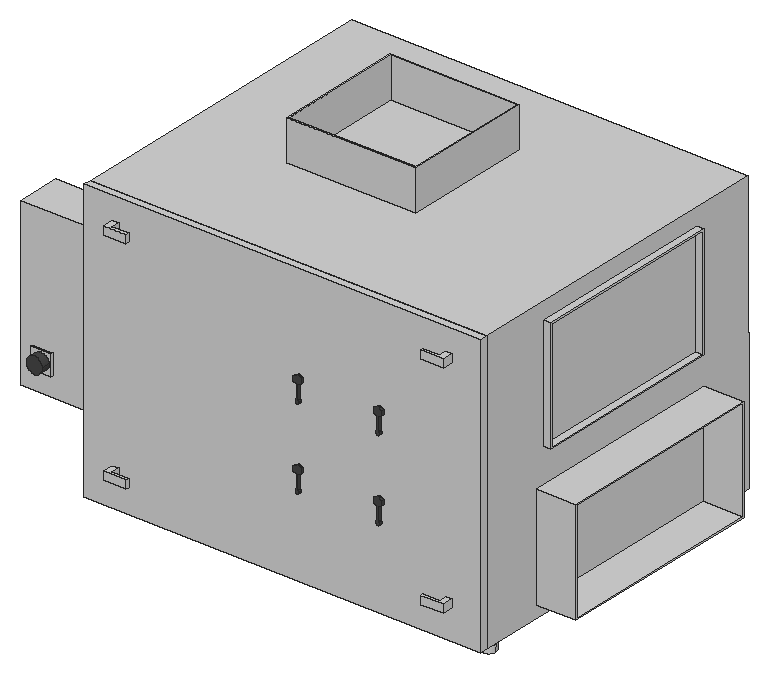
Revit family "Ventilator-RenewAire-Energy-Recovery-HE2XINH-Bypass", category Mechanical Equipment, Revit 2014
Parameters (values of type "2.0 HP 575V Three Phase")
  Voltage = "575"
  Ventilation Type = "Static Plate, Heat and Humidity Transfer"
  Unit Width = "43\""
  Unit Weight = "406-551 lbs."
  Unit Length = "60-3/4\""
  Unit Height = "35-3/4\""
  Unit = Metal - RenewAire - Anodized - Gray Text
  URL = "www.renewaire.com"
  Typical Airflow Range = "500-2,200 CFM"
  Standard Features = "TEFC Premium efficiency motors, Motor starters, Non-Fused Disconnect, 24VAC Transformer/Relay Package"
  Shipping Weight = "620 lbs."
  Service Area Visibility = no
  Service Area Box = Interference - RenewAire - Smooth - Light - Gold
  Revit Object Download Link = ""
  Phase = "Three"
  Options = "Fused disconnect, Double wall construction, Factory supplied and mounted variable frequency drives (VFDs) – one or both airstreams, Motorized isolation dampers – FA, EA or both airstreams, Qty. 2 Factory mounted filter alarms, Bypass economizer (see bypass dimension drawing page) – dry bulb temperature controls, enthalpy controls"
  Optional Motorized Damper - FA = yes
  Optional Motorized Damper - EA = yes
  Number Motors = "Qty. 2, Belt drive blower/motor packages with adjustable sheaves"
  Model = "HE 2XINH-[Bypass]"
  Minimum Circuit Amps = "5.4 A"
  Maximum Overcurrent Protection = "15 A"
  Max. Shipping Width = "47\""
  Max. Shipping Length = "70\""
  Max. Shipping Height = "40\""
  Manufacturer = "RenewAire LLC"
  Frequency = "60 HZ"
  FLA per Motor = "2.4"
  Description = "Energy Recovery Ventilator"
  Connector Base Material = Glass - With - Transparency
  Accessories = "Filters - MERV 13, 2\" (shipped loose), Digital time clock - wall mount(TC7D-W), Digital time clock - in exterior enclosure (TC7D-E), Motion occupancy control - ceiling mount(MC-C), Motion occupancy control - wall mount(MC-W), Carbon dioxide control - wall mount (CO2-W), Carbon Dioxide control - duct mount(CO2-D), Electric duct heater – EK series (1-60 KW), EH series (61-175 KW)"
  AHRI 1060 Certified Core = "Two L125-G5"
Types (11): name | Voltage | Phase | Minimum Circuit Amps | Maximum Overcurrent Protection | FLA per Motor
  (no name) | "575" | "Three" | "5.4 A" | "15 A" | "2.4"
  1.5 HP 120V Single Phase | "120" | "Single" | "34.2 A" | "45 A" | "15.2"
  1.5 HP 208-230V Single Phase | "208-230" | "Single" | "18.5 A" | "25 A" | "8.2-7.6"
  1.5 HP 208-230V Three Phase | "208-230" | "Three" | "10.8 A" | "15 A" | "4.6-4.8"
  1.5 HP 460V Three Phase | "460" | "Three" | "5.4 A" | "15 A" | "2.4"
  1.5 HP 575V Three Phase | "575" | "Three" | "4.1 A" | "15 A" | "1.8"
  2.0 HP 120V Single Phase | "120" | "Single" | "45.0 A" | "60 A" | "20.0"
  2.0 HP 208-230V Single Phase | "208-230" | "Single" | "24.3 A" | "35 A" | "10.8-10.0"
  2.0 HP 208-230V Three Phase | "208-230" | "Three" | "13.6 A" | "15 A" | "6.1-5.8"
  2.0 HP 460V Three Phase | "460" | "Three" | "6.5 A" | "15 A" | "2.9"
  2.0 HP 575V Three Phase | "575" | "Three" | "5.4 A" | "15 A" | "2.4"
Reference planes (in)
  plane 1 "Center (Front/Back)": y = 0
  plane 2: z = 0
  plane 3 "Center (Left/Right)": x = 0
Forms (in)
  Extrusion 1, solid, material "Metal - RenewAire - Anodized - Gray Text" <- "Unit"
    sketch origin (0, 0, 0) x (1, 0, 0) y (0, 0, 1)
      loop
        line (-24.5625, 34.75) -> (-24.5625, 0) -> (24.5625, 0) -> (24.5625, 34.75) -> (-24.5625, 34.75)
    from 20.25 to -20.25
  Extrusion 2, solid, material "Metal - RenewAire - Anodized - Gray Text"
    sketch origin (0, 0, 0) x (1, 0, 0) y (0, 0, 1)
      loop
        line (-24.5625, 34.75) -> (-24.5625, 0) -> (24.5625, 0) -> (24.5625, 34.75) -> (-24.5625, 34.75)
    from 21.25 to 20.25
  Extrusion 3, solid, material "Metal - RenewAire - Anodized - Gray Text"
    sketch origin (0, 0, 0) x (0, 1, 0) y (0, 0, 1)
      loop
        line (-12.75, 14.482) -> (-12.75, 1.625) -> (13.25, 1.625) -> (13.25, 14.482) -> (-12.75, 14.482)
      loop
        line (-12.625, 14.357) -> (-12.625, 1.75) -> (13.125, 1.75) -> (13.125, 14.357) -> (-12.625, 14.357)
    from 29.5625 to 24.5625
  Extrusion 4, solid, material "Metal - RenewAire - Anodized - Gray Text"
    sketch origin (0, 0, 0) x (0, 1, 0) y (0, 0, 1)
      loop
        line (-11.625, 32.732) -> (-11.625, 18.732) -> (12.125, 18.732) -> (12.125, 32.732) -> (-11.625, 32.732)
      loop
        line (-11.5, 32.607) -> (-11.5, 18.857) -> (12, 18.857) -> (12, 32.607) -> (-11.5, 32.607)
    from 25.5625 to 24.5625
  Extrusion 5, solid, material "Metal - RenewAire - Anodized - Gray Text"
    sketch origin (0, 0, 0) x (0, 1, 0) y (0, 0, 1)
      loop
        line (11.25, 13) -> (-4.75, 13) -> (-4.75, 1) -> (11.25, 1) -> (11.25, 13)
      loop
        line (11.125, 12.875) -> (-4.625, 12.875) -> (-4.625, 1.125) -> (11.125, 1.125) -> (11.125, 12.875)
    from -24.5625 to -28.8125
  Extrusion 6, solid, material "Metal - RenewAire - Anodized - Gray Text"
    sketch origin (0, 0, 16.5) x (0, 1, 0) y (0, 0, 1)
      loop
        line (11.25, 13) -> (-4.75, 13) -> (-4.75, 1) -> (11.25, 1) -> (11.25, 13)
      loop
        line (11.125, 12.875) -> (-4.625, 12.875) -> (-4.625, 1.125) -> (11.125, 1.125) -> (11.125, 12.875)
    from -24.5625 to -28.8125
  Extrusion 7, solid, material "Metal - RenewAire - Anodized - Gray Text"
    sketch origin (0, 0, 0) x (1, 0, 0) y (0, 1, 0)
      loop
        line (-11.9375, 10.375) -> (-11.9375, -5.625) -> (4.0625, -5.625) -> (4.0625, 10.375) -> (-11.9375, 10.375)
      loop
        line (-11.8125, 10.25) -> (-11.8125, -5.5) -> (3.9375, -5.5) -> (3.9375, 10.25) -> (-11.8125, 10.25)
    from 39.75 to 34.75
  Extrusion 8, solid, material "Metal - RenewAire - Anodized - Gray Text"
    sketch origin (0, 0, 0) x (1, 0, 0) y (0, 1, 0)
      loop
        line (20.3125, -21.25) -> (20.3125, -22.25) -> (18.25, -22.25) -> (18.25, -22.625) -> (21.0625, -22.625) -> (21.0625, -21.25) -> (20.3125, -21.25)
    from 4.75 to 3.75
  Extrusion 9, solid, material "Metal - RenewAire - Anodized - Gray Text"
    sketch origin (0, 0, 0) x (1, 0, 0) y (0, 1, 0)
      loop
        line (20.3125, -21.25) -> (20.3125, -22.25) -> (18.25, -22.25) -> (18.25, -22.625) -> (21.0625, -22.625) -> (21.0625, -21.25) -> (20.3125, -21.25)
    from 31 to 32
  Extrusion 10, solid, material "Metal - RenewAire - Anodized - Gray Text"
    sketch origin (0, 0, 31) x (0, 1, 0) y (-1, 0, 0)
      loop
        line (-21.25, 20.3125) -> (-21.25, 21.0625) -> (-22.625, 21.0625) -> (-22.625, 18.25) -> (-22.25, 18.25) -> (-22.25, 20.3125) -> (-21.25, 20.3125)
    from -26.25 to -27.25
  Extrusion 11, solid, material "Metal - RenewAire - Anodized - Gray Text"
    sketch origin (0, 0, 31) x (0, 1, 0) y (-1, 0, 0)
      loop
        line (-21.25, 20.3125) -> (-21.25, 21.0625) -> (-22.625, 21.0625) -> (-22.625, 18.25) -> (-22.25, 18.25) -> (-22.25, 20.3125) -> (-21.25, 20.3125)
    from 0 to 1
  Extrusion 12, solid, material "Interference - RenewAire - Smooth - Light - Gold" <- "Service Area Box", visible <- "Optional Motorized Damper - FA"
    sketch origin (0, 0, 0) x (0, 1, 0) y (0, 0, 1)
      loop
        line (5.25, 9.60593) -> (-2.75, 9.60593) -> (-2.75, 2.10593) -> (5.25, 2.10593) -> (5.25, 9.60593)
    from -24.5625 to -32.5625
  Extrusion 13, solid, material "Interference - RenewAire - Smooth - Light - Gold" <- "Service Area Box", visible <- "Optional Motorized Damper - EA"
    sketch origin (0, 0, 16.5) x (0, 1, 0) y (0, 0, 1)
      loop
        line (5.25, 9.60593) -> (-2.75, 9.60593) -> (-2.75, 2.10593) -> (5.25, 2.10593) -> (5.25, 9.60593)
    from -24.5625 to -32.5625
  Extrusion 14, solid, material "Metal - RenewAire - Anodized - Gray Text" <- "Unit"
    sketch origin (0, 0, 0) x (0, 1, 0) y (0, 0, 1)
      loop
        line (-12.75, 28) -> (-18.25, 28) -> (-18.25, 7.5) -> (-12.75, 7.5) -> (-12.75, 28)
    from -24.5625 to -34.875
  Extrusion 15, solid, material "Metal - RenewAire - Anodized - Gray Text"
    sketch origin (0, 0, 0) x (1, 0, 0) y (0, 0, 1)
      loop
        line (-33.375, 12.5) -> (-33.375, 10) -> (-30.875, 10) -> (-30.875, 12.5) -> (-33.375, 12.5)
    from 18.25 to 18.5
  Extrusion 16, solid, material "MonitorPorts"
    sketch origin (0, 0, 0) x (1, 0, 0) y (0, 0, 1)
      loop
        circle (-32.125, 11.25) r 1
    from 19.5 to 18.5
  Extrusion 17, solid, material "Interference - RenewAire - Smooth - Light - Gold" <- "Service Area Box", visible <- "Service Area Visibility"
    sketch origin (0, 0, 0) x (1, 0, 0) y (0, 0, 1)
      loop
        line (-34.875, 34.75) -> (-34.875, 0) -> (24.5625, 0) -> (24.5625, 34.75) -> (-34.875, 34.75)
    from 41.375 to 21.25
  Extrusion 18, solid, material "Metal - RenewAire - Anodized - Gray Text"
    sketch origin (0, 0, 0) x (1, 0, 0) y (0, 1, 0)
      loop
        circle (-23.9375, 18.125) r 0.875
      loop
        circle (23.9375, 18.125) r 0.875
      loop
        circle (-23.9375, -19.125) r 0.875
      loop
        circle (23.9375, -19.125) r 0.875
    from 0 to -0.75
Dimensions and locks (in)
  aligned and locked: level to plane 2
Nested families (in)
  nested 1: "Monitoring Port" at (12.0625, -21.25, 9.864), type "Monitoring Port"
  nested 2: "Monitoring Port" at (12.0625, -21.25, 19.864), type "Monitoring Port"
  nested 3: "Monitoring Port" at (2.0625, -21.25, 9.864), type "Monitoring Port"
  nested 4: "Monitoring Port" at (2.0625, -21.25, 19.864), type "Monitoring Port"
Connectors (in)
  hvac at (-24.5625, 3.25, 23.5)
    settings: on Extrusion 6, index 1, duct flow 0 CFM, flow factor 0, pres drop 0.00 in-wg, loss coef 0, conn angle 0.00°, conn width 16", conn height 12", conn diameter 24", duct sys type 3, conn prof type 1, flow config 0, flow direction 2, loss method 0, conn ref index -1, conn util no, is conn primary yes, conn desc "EA (Exhaust Air)"
  hvac at (-24.5625, 3.25, 7)
    settings: on Extrusion 5, index 2, duct flow 0 CFM, flow factor 0, pres drop 0.00 in-wg, loss coef 0, conn angle 0.00°, conn width 16", conn height 12", conn diameter 24", duct sys type 1, conn prof type 1, flow config 0, flow direction 2, loss method 0, conn ref index -1, conn util no, is conn primary no, conn desc "FA (Fresh Air)"
  hvac at (24.5625, 0.25, 8.0535)
    settings: on Extrusion 3, index 3, duct flow 0 CFM, flow factor 0, pres drop 0.00 in-wg, loss coef 0, conn angle 0.00°, conn width 26", conn height 14", conn diameter 24", duct sys type 2, conn prof type 1, flow config 0, flow direction 1, loss method 0, conn ref index -1, conn util no, is conn primary no, conn desc "RA (Room Air)"
  hvac at (24.5625, 0.25, 25.732)
    settings: on Extrusion 4, index 4, duct flow 0 CFM, flow factor 0, pres drop 0.00 in-wg, loss coef 0, conn angle 0.00°, conn width 24", conn height 14", conn diameter 24", duct sys type 4, conn prof type 1, flow config 0, flow direction 1, loss method 0, conn ref index -1, conn util no, is conn primary no, conn desc "OA (Outside Air)"
  hvac at (-3.9375, 2.375, 34.75)
    settings: on Extrusion 7, index 5, duct flow 0 CFM, flow factor 0, pres drop 0.00 in-wg, loss coef 0, conn angle 0.00°, conn width 16", conn height 16", conn diameter 24", duct sys type 2, conn prof type 1, flow config 0, flow direction 1, loss method 0, conn ref index -1, conn util no, is conn primary no, conn desc "BP (Bypass Air)"
Definition of nested family "Monitoring Port"
  Parameters (values of type "Monitoring Port")
    URL = "www.renewaire.com"
    Revit Object Download Link = ""
    Model = ""
    Manufacturer = "RenewAire LLC"
    Description = "Monitoring Ports"
  Reference planes (in)
    plane 1 "Center (Front/Back)": y = 0
    plane 2: z = 0
    plane 3 "Center (Left/Right)": x = 0
  Forms (in)
    Extrusion 1, solid, material "MonitorPorts"
      sketch origin (-9.43348, 0, 37.76669) x (-1, 0, 0) y (0, 0, -1)
        loop
          line (-9.53348, 35.65895) -> (-9.94097, 35.42369) -> (-9.94097, 34.83769) -> (-9.43348, 34.54469) -> (-8.92599, 34.83769) -> (-8.92599, 35.42369) -> (-9.33348, 35.65895) -> (-9.33348, 37.28756)
          arc (-9.33348, 37.28756) -> (-9.43348, 37.76669) -> (-9.53348, 37.28756) r 0.25
          line (-9.53348, 37.28756) -> (-9.53348, 35.65895)
      from 0 to 0.25
  Dimensions and locks (in)
    aligned and locked: level to plane 2
